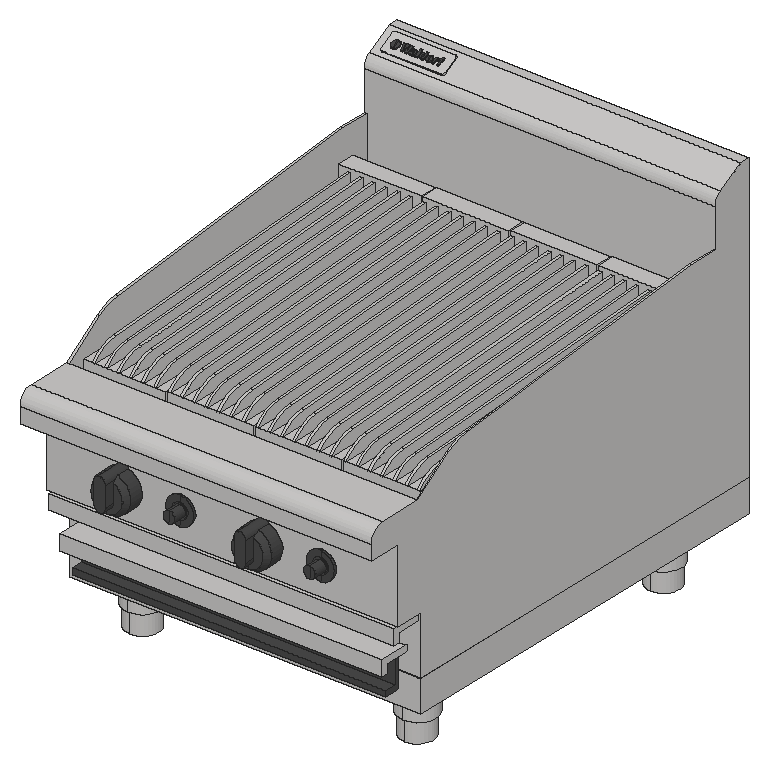
Revit family "QF_MOFFAT WALDORF_CH8600G-B", category Specialty Equipment, Revit 2012 (continued)
Definition of nested family "WALDORF LOGO_FACE BASE"
  Forms (mm)
    Extrusion 1, solid
      sketch origin (0, 0, 0) x (1, 0, 0) y (0, 1, 0)
        loop
          line (-1219.2, 1219.2) -> (-1219.2, -1219.2) -> (1219.2, -1219.2) -> (1219.2, 1219.2) -> (-1219.2, 1219.2)
      from 0 to -304.8
    Extrusion 2, solid, material "QF_Finishes_Stainless Steel", visible <- "Show Logo"
      sketch origin (0, -33.217, 0) x (1, 0, 0) y (0, 1, 0)
        loop
          arc (5, 34.14) -> (1.464, 32.676) -> (0, 29.14) r 5
          line (0, 29.14) -> (0, 5)
          arc (0, 5) -> (1.464, 1.464) -> (5, 0) r 5
          line (5, 0) -> (104, 0)
          arc (104, 0) -> (107.536, 1.464) -> (109, 5) r 5
          line (109, 5) -> (109, 29.14)
          arc (109, 29.14) -> (107.536, 32.676) -> (104, 34.14) r 5
          line (104, 34.14) -> (5, 34.14)
      from 0 to 1.588
    Extrusion 3, solid, material "QF_Finishes_Black", visible <- "Show Logo"
      sketch origin (0, -33.217, 1.588) x (1, 0, 0) y (0, 1, 0)
        loop
          line (24.772, 23.214) -> (27.992, 10.301) -> (31.551, 10.301) -> (33.443, 17.364) -> (35.205, 10.301) -> (39.332, 10.301) -> (42.077, 23.214) -> (38.352, 23.214) -> (36.676, 15.33) -> (35, 23.214) -> (31.752, 23.214) -> (30.076, 15.33) -> (28.4, 23.214) -> (24.772, 23.214)
        loop
          line (42.272, 17.055) -> (45.703, 17.055)
          spline (45.703, 17.055) -> (45.741, 17.285) -> (45.852, 17.499) -> (46.028, 17.682) -> (46.258, 17.823) -> (46.526, 17.912) -> (46.813, 17.942) -> (47.1, 17.912) -> (47.368, 17.823) -> (47.597, 17.682) -> (47.774, 17.499) -> (47.884, 17.285) -> (47.922, 17.055)
          line (47.922, 17.055) -> (47.922, 16.222)
          arc (47.922, 16.222) -> (45.742, 16.014) -> (43.665, 15.317) r 9.604
          arc (43.665, 15.317) -> (41.924, 12.809) -> (43.665, 10.301) r 2.677
          arc (43.665, 10.301) -> (45.527, 10.353) -> (47.332, 10.816) r 8.365
          line (47.332, 10.816) -> (48.092, 11.105) -> (48.092, 10.301) -> (51.817, 10.301) -> (51.817, 17.055)
          spline (51.817, 17.055) -> (51.654, 17.821) -> (51.178, 18.535) -> (50.419, 19.148) -> (49.431, 19.619) -> (48.28, 19.914) -> (47.044, 20.015) -> (45.809, 19.914) -> (44.658, 19.619) -> (43.67, 19.148) -> (42.911, 18.535) -> (42.434, 17.821) -> (42.272, 17.055)
        loop
          line (53.151, 23.214) -> (53.151, 10.301) -> (57.37, 10.301) -> (57.37, 23.214) -> (53.151, 23.214)
        loop
          line (64.874, 23.214) -> (64.874, 18.857)
          arc (64.874, 18.857) -> (58.083, 15.11) -> (64.874, 11.363) r 4.429
          line (64.874, 11.363) -> (64.874, 10.301) -> (68.378, 10.301) -> (68.378, 23.214) -> (64.874, 23.214)
        loop
          arc (64.874, 16.083) -> (61.41, 14.987) -> (64.874, 13.891) r 1.905
          line (64.874, 13.891) -> (64.874, 16.083)
        loop
          circle (74.623, 15.223) r 5
        loop
          spline (74.623, 17.856) -> (74.355, 17.766) -> (74.105, 17.503) -> (73.891, 17.084) -> (73.726, 16.539) -> (73.623, 15.904) -> (73.588, 15.223) -> (73.623, 14.541) -> (73.726, 13.906) -> (73.891, 13.361) -> (74.105, 12.942) -> (74.355, 12.679) -> (74.623, 12.59)
          spline (74.623, 12.59) -> (74.891, 12.679) -> (75.141, 12.942) -> (75.355, 13.361) -> (75.52, 13.906) -> (75.623, 14.541) -> (75.659, 15.223) -> (75.623, 15.904) -> (75.52, 16.539) -> (75.355, 17.084) -> (75.141, 17.503) -> (74.891, 17.766) -> (74.623, 17.856)
        loop
          line (81.255, 19.813) -> (81.255, 10.301) -> (84.834, 10.301) -> (84.834, 14.176)
          arc (84.834, 14.176) -> (85.854, 16.093) -> (88.013, 16.32) r 2.313
          line (88.013, 16.32) -> (88.013, 19.813) -> (87.161, 19.813)
          arc (87.161, 19.813) -> (85.526, 19.266) -> (84.549, 17.844) r 2.717
          line (84.549, 17.844) -> (84.549, 19.813) -> (81.255, 19.813)
        loop
          line (90.249, 19.813) -> (88.91, 19.813) -> (88.91, 17.614) -> (90.249, 17.614) -> (90.249, 10.301) -> (93.998, 10.301) -> (93.998, 17.614) -> (95.418, 17.614) -> (95.418, 19.813) -> (93.998, 19.813)
          arc (93.998, 19.813) -> (94.414, 20.817) -> (95.418, 21.233) r 1.42
          line (95.418, 21.233) -> (95.418, 23.602) -> (93.317, 23.602)
          arc (93.317, 23.602) -> (91.343, 22.903) -> (90.249, 21.118) r 3.137
          line (90.249, 21.118) -> (90.249, 19.813)
        loop
          arc (15.241, 23.571) -> (8.392, 16.525) -> (15.241, 9.479) r 7.049
          line (15.241, 9.479) -> (15.241, 23.571)
        loop
          line (15.641, 23.571) -> (15.641, 9.479)
          arc (15.641, 9.479) -> (22.49, 16.525) -> (15.641, 23.571) r 7.049
        loop
          arc (47.922, 14.711) -> (46.266, 13.749) -> (47.922, 12.787) r 1.107
          line (47.922, 12.787) -> (47.922, 14.711)
      from 0 to 0.2
  Dimensions and locks
    aligned and locked: plane 2 to Extrusion 1
    aligned and locked: level to Extrusion 1
